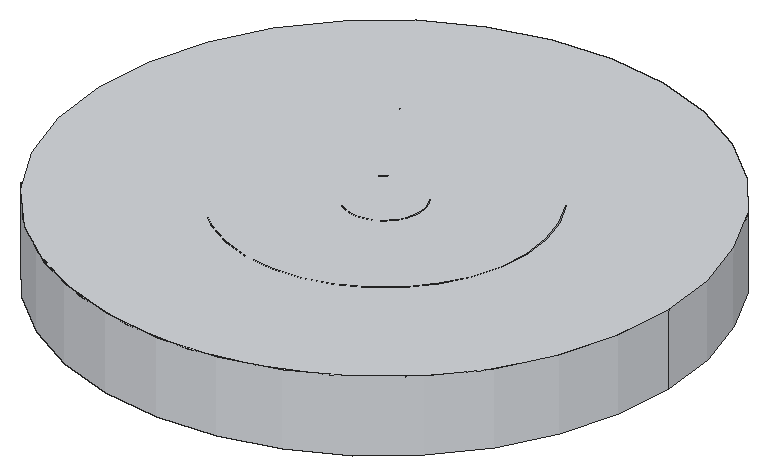
Revit family "電線管用ファミリ(片側のみ)_3", category Electrical Fixtures, Revit 2021
Family settings
  Maintain Annotation Orientation = No
  Round Connector Dimension = Use Diameter
  Part Type = Normal
  OmniClass Number = 23.80.00.00
  OmniClass Title = Electric Power and Lighting
  Work Plane-Based = No
  Always vertical = Yes
  Cut with Voids When Loaded = No
  Shared = No
  Room Calculation Point = No
Parameters
  W [instance] = 200 mm
  Out W [instance] = 400 mm
  Out D [instance] = 400 mm
  Default Elevation = 0 mm
  D [instance] = 200 mm
Reference planes
  plane 1 "Center (Front/Back)": y = 0
  plane 2: z = 0
  plane 3 "Center (Left/Right)": x = 0
  plane 4: x = -100
  plane 5: x = 100
  plane 6: y = 100
  plane 7: y = -100
  plane 8: x = 0
  plane 9: y = 0
  plane 10: y = 200
  plane 11: y = -200
  plane 12: x = -200
  plane 13: x = 200
  plane 14: z = 50
Forms (mm)
  Extrusion 1, solid
    sketch origin (0, 0, 0) x (1, 0, 0) y (0, 1, 0)
      loop
        circle (0, 0) r 100
    from 0 to 50
  Extrusion 2, solid
    sketch origin (0, 0, 0) x (1, 0, 0) y (0, 1, 0)
      loop
        circle (0, 0) r 25
    from 0 to 50
  Extrusion 3, solid
    sketch origin (0, 0, 0) x (1, 0, 0) y (0, 1, 0)
      loop
        circle (0, 0) r 200
    from 0 to 50
Dimensions and locks
  equal spacing: plane 4, plane 3 "Center (Left/Right)", plane 5
  "W": plane 4 to plane 5
  equal spacing: plane 6, plane 1 "Center (Front/Back)", plane 7
  "D": plane 6 to plane 7
  equal spacing: plane 12, plane 8, plane 13
  "Out W": plane 12 to plane 13
  equal spacing: plane 10, plane 9, plane 11
  "Out D": plane 10 to plane 11
  plane 8 to plane 3 "Center (Left/Right)" = 0 mm
  plane 9 to plane 1 "Center (Front/Back)" = 0 mm
  aligned and locked: level to plane 2
  aligned and locked: plane 14 to Extrusion 3
Automatic sketch dimensions
  plane 1 "Center (Front/Back)" to Extrusion 1 sketch curve = 0 mm
  Extrusion 1 sketch curve to plane 3 "Center (Left/Right)" = 0 mm
  plane 1 "Center (Front/Back)" to Extrusion 2 sketch curve = 0 mm
  Extrusion 2 sketch curve to plane 3 "Center (Left/Right)" = 0 mm
  plane 1 "Center (Front/Back)" to Extrusion 3 sketch curve = 0 mm
  Extrusion 3 sketch curve to plane 3 "Center (Left/Right)" = 0 mm
  radius of Extrusion 1 sketch curve = 100 mm
  radius of Extrusion 2 sketch curve = 25 mm
  radius of Extrusion 3 sketch curve = 200 mm
Connectors
  cabletrayconduit at (0, 0, 50), diameter 16
    settings: on Extrusion 2, index 1, connector width 300 mm, connector height 300 mm, connector angle 0.00°, system type 32, placement type 0, profile type 0, connector reference index -1, is primary connector yes, connector utility param no, connector description ""
